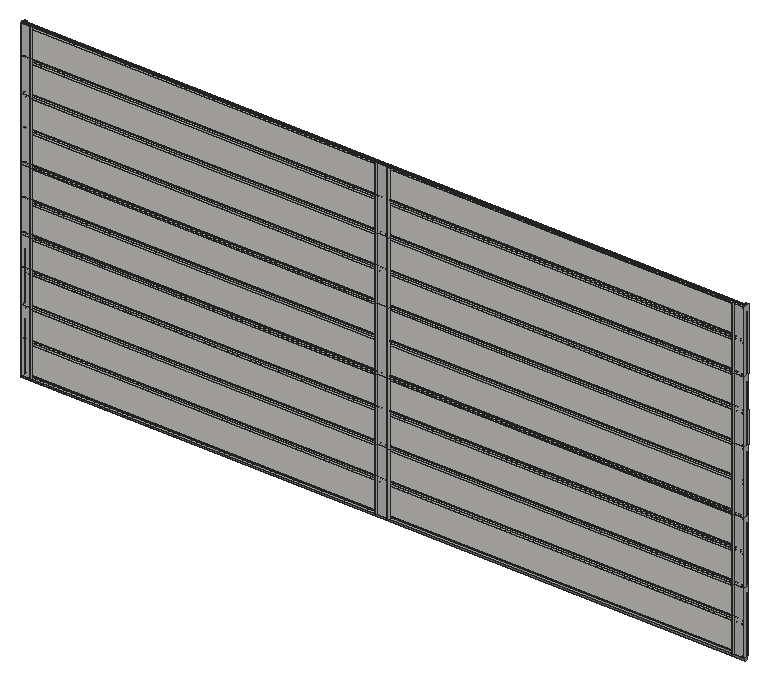
Revit family "GAFD 10H SG", category Doors, host Wall, Revit 2024
Family settings
  Host = Wall
  OmniClass Number = 23.30.10.00
  OmniClass Title = Doors
  Always vertical = Yes
  Cut with Voids When Loaded = No
  Shared = No
  Room Calculation Point = No
Parameters
  Wall Opening [instance] = 4880 mm
  Function = Interior
  Frame Projection Ext. = 25 mm
  Frame Projection Int. = 25 mm
  Frame Width = 75 mm
  Height = 2135 mm
  Wall Closure = By host
  Width = 4880 mm
Reference planes
  plane 1: y = 0
  plane 2 "Center (Left/Right)": x = 0
  plane 3: z = 2135
  plane 4 "Exterior": y = 75
  plane 5 "Interior": y = -75
  plane 6 "Garage Bottom": y = 75
  plane 7 "Garage Left": x = 2470
  plane 8 "Garage Right": x = -2470
  plane 9 "Garage Top": z = 2170
  plane 10: z = 19.954
Forms (mm)
  Extrusion 1, solid, material "STEEL BACK & SIDE PLATES"
    sketch origin (2744.172, 256, 612.954) x (1, 0, 0) y (0, 1, 0)
      loop
        line (-5205.472, -373.2) -> (-5212.972, -373.2) -> (-5212.972, -372) -> (-5211.972, -372)
        arc (-5211.972, -372) -> (-5211.472, -371.5) -> (-5211.972, -371) r 0.5
        line (-5211.972, -371) -> (-5214.172, -371) -> (-5214.172, -406) -> (-5144.955, -406) -> (-5142.812, -414) -> (-5135.811, -414) -> (-5133.363, -404.8) -> (-5134.589, -404.8) -> (-5136.732, -412.8) -> (-5141.891, -412.8) -> (-5144.034, -404.8) -> (-5212.972, -404.8) -> (-5212.972, -374.4) -> (-5200.945, -374.4)
        arc (-5200.945, -374.4) -> (-5200.21, -374.891) -> (-5199.372, -374.607) r 1
        line (-5199.372, -374.607) -> (-5198.819, -374.054)
        arc (-5198.819, -374.054) -> (-5198.71, -373.509) -> (-5199.172, -373.2) r 0.5
        line (-5199.172, -373.2) -> (-5204.272, -373.2) -> (-5204.272, -371) -> (-5206.472, -371)
        arc (-5206.472, -371) -> (-5206.972, -371.5) -> (-5206.472, -372) r 0.5
        line (-5206.472, -372) -> (-5205.472, -372) -> (-5205.472, -373.2)
      loop
        line (-2791.977, -404.804) -> (-2789.506, -414.002) -> (-2782.523, -414.002) -> (-2780.383, -405.996) -> (-2707.961, -405.996) -> (-2705.821, -414.002) -> (-2698.839, -414.002) -> (-2696.367, -404.804) -> (-2697.626, -404.804) -> (-2699.758, -412.802) -> (-2704.9, -412.802) -> (-2707.039, -404.797) -> (-2781.305, -404.797) -> (-2783.444, -412.802) -> (-2788.586, -412.802) -> (-2790.718, -404.804) -> (-2791.977, -404.804)
      loop
        line (-282.872, -373.2) -> (-282.872, -372) -> (-281.872, -372)
        arc (-281.872, -372) -> (-281.372, -371.5) -> (-281.872, -371) r 0.5
        line (-281.872, -371) -> (-284.072, -371) -> (-284.072, -373.2) -> (-289.172, -373.2)
        arc (-289.172, -373.2) -> (-289.634, -373.509) -> (-289.526, -374.054) r 0.5
        line (-289.526, -374.054) -> (-288.972, -374.607)
        arc (-288.972, -374.607) -> (-288.135, -374.891) -> (-287.399, -374.4) r 1
        line (-287.399, -374.4) -> (-275.372, -374.4) -> (-275.372, -404.8) -> (-344.31, -404.8) -> (-346.454, -412.8) -> (-351.612, -412.8) -> (-353.756, -404.8) -> (-354.982, -404.8) -> (-352.533, -414) -> (-345.533, -414) -> (-343.389, -406) -> (-274.172, -406) -> (-274.172, -371) -> (-276.372, -371)
        arc (-276.372, -371) -> (-276.872, -371.5) -> (-276.372, -372) r 0.5
        line (-276.372, -372) -> (-275.372, -372) -> (-275.372, -373.2) -> (-282.872, -373.2)
    from 267.046 to 697.046
  Extrusion 2, solid, material "STEEL BACK & SIDE PLATES"
    sketch origin (2744.172, 256, 182.954) x (1, 0, 0) y (0, 1, 0)
      loop
        line (-5205.472, -373.2) -> (-5212.972, -373.2) -> (-5212.972, -372) -> (-5211.972, -372)
        arc (-5211.972, -372) -> (-5211.472, -371.5) -> (-5211.972, -371) r 0.5
        line (-5211.972, -371) -> (-5214.172, -371) -> (-5214.172, -406) -> (-5144.955, -406) -> (-5142.812, -414) -> (-5135.811, -414) -> (-5133.363, -404.8) -> (-5134.589, -404.8) -> (-5136.732, -412.8) -> (-5141.891, -412.8) -> (-5144.034, -404.8) -> (-5212.972, -404.8) -> (-5212.972, -374.4) -> (-5200.945, -374.4)
        arc (-5200.945, -374.4) -> (-5200.21, -374.891) -> (-5199.372, -374.607) r 1
        line (-5199.372, -374.607) -> (-5198.819, -374.054)
        arc (-5198.819, -374.054) -> (-5198.71, -373.509) -> (-5199.172, -373.2) r 0.5
        line (-5199.172, -373.2) -> (-5204.272, -373.2) -> (-5204.272, -371) -> (-5206.472, -371)
        arc (-5206.472, -371) -> (-5206.972, -371.5) -> (-5206.472, -372) r 0.5
        line (-5206.472, -372) -> (-5205.472, -372) -> (-5205.472, -373.2)
      loop
        line (-2791.977, -404.804) -> (-2789.506, -414.002) -> (-2782.523, -414.002) -> (-2780.383, -405.996) -> (-2707.961, -405.996) -> (-2705.821, -414.002) -> (-2698.839, -414.002) -> (-2696.367, -404.804) -> (-2697.626, -404.804) -> (-2699.758, -412.802) -> (-2704.9, -412.802) -> (-2707.039, -404.797) -> (-2781.305, -404.797) -> (-2783.444, -412.802) -> (-2788.586, -412.802) -> (-2790.718, -404.804) -> (-2791.977, -404.804)
      loop
        line (-282.872, -373.2) -> (-282.872, -372) -> (-281.872, -372)
        arc (-281.872, -372) -> (-281.372, -371.5) -> (-281.872, -371) r 0.5
        line (-281.872, -371) -> (-284.072, -371) -> (-284.072, -373.2) -> (-289.172, -373.2)
        arc (-289.172, -373.2) -> (-289.634, -373.509) -> (-289.526, -374.054) r 0.5
        line (-289.526, -374.054) -> (-288.972, -374.607)
        arc (-288.972, -374.607) -> (-288.135, -374.891) -> (-287.399, -374.4) r 1
        line (-287.399, -374.4) -> (-275.372, -374.4) -> (-275.372, -404.8) -> (-344.31, -404.8) -> (-346.454, -412.8) -> (-351.612, -412.8) -> (-353.756, -404.8) -> (-354.982, -404.8) -> (-352.533, -414) -> (-345.533, -414) -> (-343.389, -406) -> (-274.172, -406) -> (-274.172, -371) -> (-276.372, -371)
        arc (-276.372, -371) -> (-276.872, -371.5) -> (-276.372, -372) r 0.5
        line (-276.372, -372) -> (-275.372, -372) -> (-275.372, -373.2) -> (-282.872, -373.2)
    from 267.046 to 697.046
  Extrusion 3, solid, material "STEEL BACK & SIDE PLATES"
    sketch origin (2744.172, 256, -247.046) x (1, 0, 0) y (0, 1, 0)
      loop
        line (-5205.472, -373.2) -> (-5212.972, -373.2) -> (-5212.972, -372) -> (-5211.972, -372)
        arc (-5211.972, -372) -> (-5211.472, -371.5) -> (-5211.972, -371) r 0.5
        line (-5211.972, -371) -> (-5214.172, -371) -> (-5214.172, -406) -> (-5144.955, -406) -> (-5142.812, -414) -> (-5135.811, -414) -> (-5133.363, -404.8) -> (-5134.589, -404.8) -> (-5136.732, -412.8) -> (-5141.891, -412.8) -> (-5144.034, -404.8) -> (-5212.972, -404.8) -> (-5212.972, -374.4) -> (-5200.945, -374.4)
        arc (-5200.945, -374.4) -> (-5200.21, -374.891) -> (-5199.372, -374.607) r 1
        line (-5199.372, -374.607) -> (-5198.819, -374.054)
        arc (-5198.819, -374.054) -> (-5198.71, -373.509) -> (-5199.172, -373.2) r 0.5
        line (-5199.172, -373.2) -> (-5204.272, -373.2) -> (-5204.272, -371) -> (-5206.472, -371)
        arc (-5206.472, -371) -> (-5206.972, -371.5) -> (-5206.472, -372) r 0.5
        line (-5206.472, -372) -> (-5205.472, -372) -> (-5205.472, -373.2)
      loop
        line (-2791.977, -404.804) -> (-2789.506, -414.002) -> (-2782.523, -414.002) -> (-2780.383, -405.996) -> (-2707.961, -405.996) -> (-2705.821, -414.002) -> (-2698.839, -414.002) -> (-2696.367, -404.804) -> (-2697.626, -404.804) -> (-2699.758, -412.802) -> (-2704.9, -412.802) -> (-2707.039, -404.797) -> (-2781.305, -404.797) -> (-2783.444, -412.802) -> (-2788.586, -412.802) -> (-2790.718, -404.804) -> (-2791.977, -404.804)
      loop
        line (-282.872, -373.2) -> (-282.872, -372) -> (-281.872, -372)
        arc (-281.872, -372) -> (-281.372, -371.5) -> (-281.872, -371) r 0.5
        line (-281.872, -371) -> (-284.072, -371) -> (-284.072, -373.2) -> (-289.172, -373.2)
        arc (-289.172, -373.2) -> (-289.634, -373.509) -> (-289.526, -374.054) r 0.5
        line (-289.526, -374.054) -> (-288.972, -374.607)
        arc (-288.972, -374.607) -> (-288.135, -374.891) -> (-287.399, -374.4) r 1
        line (-287.399, -374.4) -> (-275.372, -374.4) -> (-275.372, -404.8) -> (-344.31, -404.8) -> (-346.454, -412.8) -> (-351.612, -412.8) -> (-353.756, -404.8) -> (-354.982, -404.8) -> (-352.533, -414) -> (-345.533, -414) -> (-343.389, -406) -> (-274.172, -406) -> (-274.172, -371) -> (-276.372, -371)
        arc (-276.372, -371) -> (-276.872, -371.5) -> (-276.372, -372) r 0.5
        line (-276.372, -372) -> (-275.372, -372) -> (-275.372, -373.2) -> (-282.872, -373.2)
    from 267 to 697.046
  Extrusion 4, solid, material "STEEL BACK & SIDE PLATES"
    sketch origin (2744.172, 256, 1042.954) x (1, 0, 0) y (0, 1, 0)
      loop
        line (-5205.472, -373.2) -> (-5212.972, -373.2) -> (-5212.972, -372) -> (-5211.972, -372)
        arc (-5211.972, -372) -> (-5211.472, -371.5) -> (-5211.972, -371) r 0.5
        line (-5211.972, -371) -> (-5214.172, -371) -> (-5214.172, -406) -> (-5144.955, -406) -> (-5142.812, -414) -> (-5135.811, -414) -> (-5133.363, -404.8) -> (-5134.589, -404.8) -> (-5136.732, -412.8) -> (-5141.891, -412.8) -> (-5144.034, -404.8) -> (-5212.972, -404.8) -> (-5212.972, -374.4) -> (-5200.945, -374.4)
        arc (-5200.945, -374.4) -> (-5200.21, -374.891) -> (-5199.372, -374.607) r 1
        line (-5199.372, -374.607) -> (-5198.819, -374.054)
        arc (-5198.819, -374.054) -> (-5198.71, -373.509) -> (-5199.172, -373.2) r 0.5
        line (-5199.172, -373.2) -> (-5204.272, -373.2) -> (-5204.272, -371) -> (-5206.472, -371)
        arc (-5206.472, -371) -> (-5206.972, -371.5) -> (-5206.472, -372) r 0.5
        line (-5206.472, -372) -> (-5205.472, -372) -> (-5205.472, -373.2)
      loop
        line (-2791.977, -404.804) -> (-2789.506, -414.002) -> (-2782.523, -414.002) -> (-2780.383, -405.996) -> (-2707.961, -405.996) -> (-2705.821, -414.002) -> (-2698.839, -414.002) -> (-2696.367, -404.804) -> (-2697.626, -404.804) -> (-2699.758, -412.802) -> (-2704.9, -412.802) -> (-2707.039, -404.797) -> (-2781.305, -404.797) -> (-2783.444, -412.802) -> (-2788.586, -412.802) -> (-2790.718, -404.804) -> (-2791.977, -404.804)
      loop
        line (-282.872, -373.2) -> (-282.872, -372) -> (-281.872, -372)
        arc (-281.872, -372) -> (-281.372, -371.5) -> (-281.872, -371) r 0.5
        line (-281.872, -371) -> (-284.072, -371) -> (-284.072, -373.2) -> (-289.172, -373.2)
        arc (-289.172, -373.2) -> (-289.634, -373.509) -> (-289.526, -374.054) r 0.5
        line (-289.526, -374.054) -> (-288.972, -374.607)
        arc (-288.972, -374.607) -> (-288.135, -374.891) -> (-287.399, -374.4) r 1
        line (-287.399, -374.4) -> (-275.372, -374.4) -> (-275.372, -404.8) -> (-344.31, -404.8) -> (-346.454, -412.8) -> (-351.612, -412.8) -> (-353.756, -404.8) -> (-354.982, -404.8) -> (-352.533, -414) -> (-345.533, -414) -> (-343.389, -406) -> (-274.172, -406) -> (-274.172, -371) -> (-276.372, -371)
        arc (-276.372, -371) -> (-276.872, -371.5) -> (-276.372, -372) r 0.5
        line (-276.372, -372) -> (-275.372, -372) -> (-275.372, -373.2) -> (-282.872, -373.2)
    from 267.046 to 697.046
  Extrusion 5, solid, material "STEEL BACK & SIDE PLATES"
    sketch origin (2744.172, 256, 1472.954) x (1, 0, 0) y (0, 1, 0)
      loop
        line (-5205.472, -373.2) -> (-5212.972, -373.2) -> (-5212.972, -372) -> (-5211.972, -372)
        arc (-5211.972, -372) -> (-5211.472, -371.5) -> (-5211.972, -371) r 0.5
        line (-5211.972, -371) -> (-5214.172, -371) -> (-5214.172, -406) -> (-5144.955, -406) -> (-5142.812, -414) -> (-5135.811, -414) -> (-5133.363, -404.8) -> (-5134.589, -404.8) -> (-5136.732, -412.8) -> (-5141.891, -412.8) -> (-5144.034, -404.8) -> (-5212.972, -404.8) -> (-5212.972, -374.4) -> (-5200.945, -374.4)
        arc (-5200.945, -374.4) -> (-5200.21, -374.891) -> (-5199.372, -374.607) r 1
        line (-5199.372, -374.607) -> (-5198.819, -374.054)
        arc (-5198.819, -374.054) -> (-5198.71, -373.509) -> (-5199.172, -373.2) r 0.5
        line (-5199.172, -373.2) -> (-5204.272, -373.2) -> (-5204.272, -371) -> (-5206.472, -371)
        arc (-5206.472, -371) -> (-5206.972, -371.5) -> (-5206.472, -372) r 0.5
        line (-5206.472, -372) -> (-5205.472, -372) -> (-5205.472, -373.2)
      loop
        line (-2791.977, -404.804) -> (-2789.506, -414.002) -> (-2782.523, -414.002) -> (-2780.383, -405.996) -> (-2707.961, -405.996) -> (-2705.821, -414.002) -> (-2698.839, -414.002) -> (-2696.367, -404.804) -> (-2697.626, -404.804) -> (-2699.758, -412.802) -> (-2704.9, -412.802) -> (-2707.039, -404.797) -> (-2781.305, -404.797) -> (-2783.444, -412.802) -> (-2788.586, -412.802) -> (-2790.718, -404.804) -> (-2791.977, -404.804)
      loop
        line (-282.872, -373.2) -> (-282.872, -372) -> (-281.872, -372)
        arc (-281.872, -372) -> (-281.372, -371.5) -> (-281.872, -371) r 0.5
        line (-281.872, -371) -> (-284.072, -371) -> (-284.072, -373.2) -> (-289.172, -373.2)
        arc (-289.172, -373.2) -> (-289.634, -373.509) -> (-289.526, -374.054) r 0.5
        line (-289.526, -374.054) -> (-288.972, -374.607)
        arc (-288.972, -374.607) -> (-288.135, -374.891) -> (-287.399, -374.4) r 1
        line (-287.399, -374.4) -> (-275.372, -374.4) -> (-275.372, -404.8) -> (-344.31, -404.8) -> (-346.454, -412.8) -> (-351.612, -412.8) -> (-353.756, -404.8) -> (-354.982, -404.8) -> (-352.533, -414) -> (-345.533, -414) -> (-343.389, -406) -> (-274.172, -406) -> (-274.172, -371) -> (-276.372, -371)
        arc (-276.372, -371) -> (-276.872, -371.5) -> (-276.372, -372) r 0.5
        line (-276.372, -372) -> (-275.372, -372) -> (-275.372, -373.2) -> (-282.872, -373.2)
    from 267.046 to 697.046
  Extrusion 6, solid, material "ALUMINIUM (STONE GREY)"
    sketch origin (0, -44, 2189.863) x (0, -1, 0) y (0, 0, -1)
      loop
        line (82.14, 2169.909) -> (74.797, 2169.909) -> (74.797, 1963.364) -> (78.797, 1961.909) -> (78.797, 1954.909) -> (83.136, 1954.909)
        arc (83.136, 1954.909) -> (83.518, 1954.832) -> (83.843, 1954.616) r 1
        line (83.843, 1954.616) -> (86.55, 1951.909) -> (88.077, 1951.909)
        arc (88.077, 1951.909) -> (88.477, 1952.309) -> (88.077, 1952.709) r 0.4
        line (88.077, 1952.709) -> (87.047, 1952.709) -> (87.047, 1953.909) -> (92.547, 1953.909) -> (92.547, 1952.709) -> (91.517, 1952.709)
        arc (91.517, 1952.709) -> (91.117, 1952.309) -> (91.517, 1951.909) r 0.4
        line (91.517, 1951.909) -> (93.044, 1951.909) -> (95.751, 1954.616)
        arc (95.751, 1954.616) -> (96.077, 1954.833) -> (96.461, 1954.909) r 1
        line (96.461, 1954.909) -> (104.797, 1954.909) -> (104.797, 1966.909) -> (101.397, 1966.909)
        arc (101.397, 1966.909) -> (100.697, 1966.209) -> (101.397, 1965.509) r 0.7
        line (101.397, 1965.509) -> (103.397, 1965.509) -> (103.397, 1956.309) -> (95.464, 1956.309) -> (94.464, 1955.309) -> (85.13, 1955.309) -> (84.13, 1956.309) -> (80.197, 1956.309) -> (80.197, 1962.889) -> (76.197, 1964.345) -> (76.197, 2168.509) -> (81.56, 2168.509) -> (87.06, 2163.009) -> (92.534, 2163.009) -> (98.034, 2168.509) -> (103.397, 2168.509) -> (103.397, 2159.309) -> (101.397, 2159.309)
        arc (101.397, 2159.309) -> (100.697, 2158.609) -> (101.397, 2157.909) r 0.7
        line (101.397, 2157.909) -> (104.797, 2157.909) -> (104.797, 2169.909) -> (97.454, 2169.909) -> (91.954, 2164.409) -> (87.64, 2164.409) -> (82.14, 2169.909)
    from -2468.8 to 2468.8
  Extrusion 7, solid, material "Rubber, Natural"
    sketch origin (0, -32.797, 0.046) x (0, 1, 0) y (0, 0, 1)
      loop
        line (-111, 19.909) -> (-111, 16.909) -> (-106, 16.909) -> (-106, 14.004)
        spline (-106, 14.004) -> (-109.192, 11.809) -> (-110.848, 8.808) -> (-110.659, 5.562) -> (-108.66, 2.681) -> (-105.226, 0.703) -> (-101, 0) -> (-96.774, 0.703) -> (-93.34, 2.681) -> (-91.341, 5.562) -> (-91.152, 8.808) -> (-92.808, 11.809) -> (-96, 14.004)
        line (-96, 14.004) -> (-96, 16.909) -> (-91, 16.909) -> (-91, 19.909) -> (-111, 19.909)
      loop
        line (-98, 16.909) -> (-104, 16.909) -> (-104, 14.633)
        arc (-104, 14.633) -> (-101, 15.009) -> (-98, 14.633) r 12.129
        line (-98, 14.633) -> (-98, 16.909)
      loop
        spline (-101, 1.513) -> (-98.929, 1.717) -> (-97, 2.316) -> (-95.343, 3.268) -> (-94.072, 4.509) -> (-93.273, 5.954) -> (-93, 7.505) -> (-93.273, 9.055) -> (-94.072, 10.501) -> (-95.343, 11.742) -> (-97, 12.694) -> (-98.929, 13.292) -> (-101, 13.496)
        spline (-101, 13.496) -> (-103.071, 13.292) -> (-105, 12.694) -> (-106.657, 11.742) -> (-107.928, 10.501) -> (-108.727, 9.055) -> (-109, 7.505) -> (-108.727, 5.954) -> (-107.928, 4.509) -> (-106.657, 3.268) -> (-105, 2.316) -> (-103.071, 1.717) -> (-101, 1.513)
    from -2470 to 2470
  Extrusion 8, solid, material "ALUMINIUM (STONE GREY)"
    sketch origin (0, -44, 2404.863) x (0, -1, 0) y (0, 0, -1)
      loop
        line (82.14, 2169.909) -> (74.797, 2169.909) -> (74.797, 1963.319) -> (78.797, 1961.863) -> (78.797, 1954.863) -> (83.136, 1954.863)
        arc (83.136, 1954.863) -> (83.518, 1954.787) -> (83.843, 1954.57) r 1
        line (83.843, 1954.57) -> (86.55, 1951.863) -> (88.077, 1951.863)
        arc (88.077, 1951.863) -> (88.477, 1952.263) -> (88.077, 1952.663) r 0.4
        line (88.077, 1952.663) -> (87.047, 1952.663) -> (87.047, 1953.863) -> (92.547, 1953.863) -> (92.547, 1952.663) -> (91.517, 1952.663)
        arc (91.517, 1952.663) -> (91.117, 1952.263) -> (91.517, 1951.863) r 0.4
        line (91.517, 1951.863) -> (93.044, 1951.863) -> (95.751, 1954.57)
        arc (95.751, 1954.57) -> (96.077, 1954.787) -> (96.461, 1954.863) r 1
        line (96.461, 1954.863) -> (104.797, 1954.863) -> (104.797, 1966.863) -> (101.397, 1966.863)
        arc (101.397, 1966.863) -> (100.697, 1966.163) -> (101.397, 1965.463) r 0.7
        line (101.397, 1965.463) -> (103.397, 1965.463) -> (103.397, 1956.263) -> (95.464, 1956.263) -> (94.464, 1955.263) -> (85.13, 1955.263) -> (84.13, 1956.263) -> (80.197, 1956.263) -> (80.197, 1962.843) -> (76.197, 1964.299) -> (76.197, 2168.509) -> (81.56, 2168.509) -> (87.06, 2163.009) -> (92.534, 2163.009) -> (98.034, 2168.509) -> (103.397, 2168.509) -> (103.397, 2159.309) -> (101.397, 2159.309)
        arc (101.397, 2159.309) -> (100.697, 2158.609) -> (101.397, 2157.909) r 0.7
        line (101.397, 2157.909) -> (104.797, 2157.909) -> (104.797, 2169.909) -> (97.454, 2169.909) -> (91.954, 2164.409) -> (87.64, 2164.409) -> (82.14, 2169.909)
    from -2468.8 to 2468.8
  Extrusion 9, solid, material "ALUMINIUM (STONE GREY)"
    sketch origin (0, -44, 2619.909) x (0, -1, 0) y (0, 0, -1)
      loop
        line (82.14, 2169.909) -> (74.797, 2169.909) -> (74.797, 1963.364) -> (78.797, 1961.909) -> (78.797, 1954.909) -> (83.136, 1954.909)
        arc (83.136, 1954.909) -> (83.518, 1954.832) -> (83.843, 1954.616) r 1
        line (83.843, 1954.616) -> (86.55, 1951.909) -> (88.077, 1951.909)
        arc (88.077, 1951.909) -> (88.477, 1952.309) -> (88.077, 1952.709) r 0.4
        line (88.077, 1952.709) -> (87.047, 1952.709) -> (87.047, 1953.909) -> (92.547, 1953.909) -> (92.547, 1952.709) -> (91.517, 1952.709)
        arc (91.517, 1952.709) -> (91.117, 1952.309) -> (91.517, 1951.909) r 0.4
        line (91.517, 1951.909) -> (93.044, 1951.909) -> (95.751, 1954.616)
        arc (95.751, 1954.616) -> (96.077, 1954.833) -> (96.461, 1954.909) r 1
        line (96.461, 1954.909) -> (104.797, 1954.909) -> (104.797, 1966.909) -> (101.397, 1966.909)
        arc (101.397, 1966.909) -> (100.697, 1966.209) -> (101.397, 1965.509) r 0.7
        line (101.397, 1965.509) -> (103.397, 1965.509) -> (103.397, 1956.309) -> (95.464, 1956.309) -> (94.464, 1955.309) -> (85.13, 1955.309) -> (84.13, 1956.309) -> (80.197, 1956.309) -> (80.197, 1962.889) -> (76.197, 1964.345) -> (76.197, 2168.509) -> (81.56, 2168.509) -> (87.06, 2163.009) -> (92.534, 2163.009) -> (98.034, 2168.509) -> (103.397, 2168.509) -> (103.397, 2159.309) -> (101.397, 2159.309)
        arc (101.397, 2159.309) -> (100.697, 2158.609) -> (101.397, 2157.909) r 0.7
        line (101.397, 2157.909) -> (104.797, 2157.909) -> (104.797, 2169.909) -> (97.454, 2169.909) -> (91.954, 2164.409) -> (87.64, 2164.409) -> (82.14, 2169.909)
    from -2468.8 to 2468.8
  Extrusion 10, solid, material "ALUMINIUM (STONE GREY)"
    sketch origin (0, -44, 2834.909) x (0, -1, 0) y (0, 0, -1)
      loop
        line (82.14, 2169.909) -> (74.797, 2169.909) -> (74.797, 1963.364) -> (78.797, 1961.909) -> (78.797, 1954.909) -> (83.136, 1954.909)
        arc (83.136, 1954.909) -> (83.518, 1954.832) -> (83.843, 1954.616) r 1
        line (83.843, 1954.616) -> (86.55, 1951.909) -> (88.077, 1951.909)
        arc (88.077, 1951.909) -> (88.477, 1952.309) -> (88.077, 1952.709) r 0.4
        line (88.077, 1952.709) -> (87.047, 1952.709) -> (87.047, 1953.909) -> (92.547, 1953.909) -> (92.547, 1952.709) -> (91.517, 1952.709)
        arc (91.517, 1952.709) -> (91.117, 1952.309) -> (91.517, 1951.909) r 0.4
        line (91.517, 1951.909) -> (93.044, 1951.909) -> (95.751, 1954.616)
        arc (95.751, 1954.616) -> (96.077, 1954.833) -> (96.461, 1954.909) r 1
        line (96.461, 1954.909) -> (104.797, 1954.909) -> (104.797, 1966.909) -> (101.397, 1966.909)
        arc (101.397, 1966.909) -> (100.697, 1966.209) -> (101.397, 1965.509) r 0.7
        line (101.397, 1965.509) -> (103.397, 1965.509) -> (103.397, 1956.309) -> (95.464, 1956.309) -> (94.464, 1955.309) -> (85.13, 1955.309) -> (84.13, 1956.309) -> (80.197, 1956.309) -> (80.197, 1962.889) -> (76.197, 1964.345) -> (76.197, 2168.509) -> (81.56, 2168.509) -> (87.06, 2163.009) -> (92.534, 2163.009) -> (98.034, 2168.509) -> (103.397, 2168.509) -> (103.397, 2159.309) -> (101.397, 2159.309)
        arc (101.397, 2159.309) -> (100.697, 2158.609) -> (101.397, 2157.909) r 0.7
        line (101.397, 2157.909) -> (104.797, 2157.909) -> (104.797, 2169.909) -> (97.454, 2169.909) -> (91.954, 2164.409) -> (87.64, 2164.409) -> (82.14, 2169.909)
    from -2468.8 to 2468.8
  Extrusion 11, solid, material "ALUMINIUM (STONE GREY)"
    sketch origin (0, -44, 3049.909) x (0, -1, 0) y (0, 0, -1)
      loop
        line (82.14, 2169.909) -> (74.797, 2169.909) -> (74.797, 1963.364) -> (78.797, 1961.909) -> (78.797, 1954.909) -> (83.136, 1954.909)
        arc (83.136, 1954.909) -> (83.518, 1954.832) -> (83.843, 1954.616) r 1
        line (83.843, 1954.616) -> (86.55, 1951.909) -> (88.077, 1951.909)
        arc (88.077, 1951.909) -> (88.477, 1952.309) -> (88.077, 1952.709) r 0.4
        line (88.077, 1952.709) -> (87.047, 1952.709) -> (87.047, 1953.909) -> (92.547, 1953.909) -> (92.547, 1952.709) -> (91.517, 1952.709)
        arc (91.517, 1952.709) -> (91.117, 1952.309) -> (91.517, 1951.909) r 0.4
        line (91.517, 1951.909) -> (93.044, 1951.909) -> (95.751, 1954.616)
        arc (95.751, 1954.616) -> (96.077, 1954.833) -> (96.461, 1954.909) r 1
        line (96.461, 1954.909) -> (104.797, 1954.909) -> (104.797, 1966.909) -> (101.397, 1966.909)
        arc (101.397, 1966.909) -> (100.697, 1966.209) -> (101.397, 1965.509) r 0.7
        line (101.397, 1965.509) -> (103.397, 1965.509) -> (103.397, 1956.309) -> (95.464, 1956.309) -> (94.464, 1955.309) -> (85.13, 1955.309) -> (84.13, 1956.309) -> (80.197, 1956.309) -> (80.197, 1962.889) -> (76.197, 1964.345) -> (76.197, 2168.509) -> (81.56, 2168.509) -> (87.06, 2163.009) -> (92.534, 2163.009) -> (98.034, 2168.509) -> (103.397, 2168.509) -> (103.397, 2159.309) -> (101.397, 2159.309)
        arc (101.397, 2159.309) -> (100.697, 2158.609) -> (101.397, 2157.909) r 0.7
        line (101.397, 2157.909) -> (104.797, 2157.909) -> (104.797, 2169.909) -> (97.454, 2169.909) -> (91.954, 2164.409) -> (87.64, 2164.409) -> (82.14, 2169.909)
    from -2468.8 to 2468.8
  Extrusion 12, solid, material "ALUMINIUM (STONE GREY)"
    sketch origin (0, -44, 3264.909) x (0, -1, 0) y (0, 0, -1)
      loop
        line (82.14, 2169.909) -> (74.797, 2169.909) -> (74.797, 1963.364) -> (78.797, 1961.909) -> (78.797, 1954.909) -> (83.136, 1954.909)
        arc (83.136, 1954.909) -> (83.518, 1954.832) -> (83.843, 1954.616) r 1
        line (83.843, 1954.616) -> (86.55, 1951.909) -> (88.077, 1951.909)
        arc (88.077, 1951.909) -> (88.477, 1952.309) -> (88.077, 1952.709) r 0.4
        line (88.077, 1952.709) -> (87.047, 1952.709) -> (87.047, 1953.909) -> (92.547, 1953.909) -> (92.547, 1952.709) -> (91.517, 1952.709)
        arc (91.517, 1952.709) -> (91.117, 1952.309) -> (91.517, 1951.909) r 0.4
        line (91.517, 1951.909) -> (93.044, 1951.909) -> (95.751, 1954.616)
        arc (95.751, 1954.616) -> (96.077, 1954.833) -> (96.461, 1954.909) r 1
        line (96.461, 1954.909) -> (104.797, 1954.909) -> (104.797, 1966.909) -> (101.397, 1966.909)
        arc (101.397, 1966.909) -> (100.697, 1966.209) -> (101.397, 1965.509) r 0.7
        line (101.397, 1965.509) -> (103.397, 1965.509) -> (103.397, 1956.309) -> (95.464, 1956.309) -> (94.464, 1955.309) -> (85.13, 1955.309) -> (84.13, 1956.309) -> (80.197, 1956.309) -> (80.197, 1962.889) -> (76.197, 1964.345) -> (76.197, 2168.509) -> (81.56, 2168.509) -> (87.06, 2163.009) -> (92.534, 2163.009) -> (98.034, 2168.509) -> (103.397, 2168.509) -> (103.397, 2159.309) -> (101.397, 2159.309)
        arc (101.397, 2159.309) -> (100.697, 2158.609) -> (101.397, 2157.909) r 0.7
        line (101.397, 2157.909) -> (104.797, 2157.909) -> (104.797, 2169.909) -> (97.454, 2169.909) -> (91.954, 2164.409) -> (87.64, 2164.409) -> (82.14, 2169.909)
    from -2468.8 to 2468.8
  Extrusion 13, solid, material "ALUMINIUM (STONE GREY)"
    sketch origin (0, -44, 3479.909) x (0, -1, 0) y (0, 0, -1)
      loop
        line (82.14, 2169.909) -> (74.797, 2169.909) -> (74.797, 1963.364) -> (78.797, 1961.909) -> (78.797, 1954.909) -> (83.136, 1954.909)
        arc (83.136, 1954.909) -> (83.518, 1954.832) -> (83.843, 1954.616) r 1
        line (83.843, 1954.616) -> (86.55, 1951.909) -> (88.077, 1951.909)
        arc (88.077, 1951.909) -> (88.477, 1952.309) -> (88.077, 1952.709) r 0.4
        line (88.077, 1952.709) -> (87.047, 1952.709) -> (87.047, 1953.909) -> (92.547, 1953.909) -> (92.547, 1952.709) -> (91.517, 1952.709)
        arc (91.517, 1952.709) -> (91.117, 1952.309) -> (91.517, 1951.909) r 0.4
        line (91.517, 1951.909) -> (93.044, 1951.909) -> (95.751, 1954.616)
        arc (95.751, 1954.616) -> (96.077, 1954.833) -> (96.461, 1954.909) r 1
        line (96.461, 1954.909) -> (104.797, 1954.909) -> (104.797, 1966.909) -> (101.397, 1966.909)
        arc (101.397, 1966.909) -> (100.697, 1966.209) -> (101.397, 1965.509) r 0.7
        line (101.397, 1965.509) -> (103.397, 1965.509) -> (103.397, 1956.309) -> (95.464, 1956.309) -> (94.464, 1955.309) -> (85.13, 1955.309) -> (84.13, 1956.309) -> (80.197, 1956.309) -> (80.197, 1962.889) -> (76.197, 1964.345) -> (76.197, 2168.509) -> (81.56, 2168.509) -> (87.06, 2163.009) -> (92.534, 2163.009) -> (98.034, 2168.509) -> (103.397, 2168.509) -> (103.397, 2159.309) -> (101.397, 2159.309)
        arc (101.397, 2159.309) -> (100.697, 2158.609) -> (101.397, 2157.909) r 0.7
        line (101.397, 2157.909) -> (104.797, 2157.909) -> (104.797, 2169.909) -> (97.454, 2169.909) -> (91.954, 2164.409) -> (87.64, 2164.409) -> (82.14, 2169.909)
    from -2468.8 to 2468.8
  Extrusion 14, solid, material "ALUMINIUM (STONE GREY)"
    sketch origin (0, -44, 3694.909) x (0, -1, 0) y (0, 0, -1)
      loop
        line (82.14, 2169.909) -> (74.797, 2169.909) -> (74.797, 1963.364) -> (78.797, 1961.909) -> (78.797, 1954.909) -> (83.136, 1954.909)
        arc (83.136, 1954.909) -> (83.518, 1954.832) -> (83.843, 1954.616) r 1
        line (83.843, 1954.616) -> (86.55, 1951.909) -> (88.077, 1951.909)
        arc (88.077, 1951.909) -> (88.477, 1952.309) -> (88.077, 1952.709) r 0.4
        line (88.077, 1952.709) -> (87.047, 1952.709) -> (87.047, 1953.909) -> (92.547, 1953.909) -> (92.547, 1952.709) -> (91.517, 1952.709)
        arc (91.517, 1952.709) -> (91.117, 1952.309) -> (91.517, 1951.909) r 0.4
        line (91.517, 1951.909) -> (93.044, 1951.909) -> (95.751, 1954.616)
        arc (95.751, 1954.616) -> (96.077, 1954.833) -> (96.461, 1954.909) r 1
        line (96.461, 1954.909) -> (104.797, 1954.909) -> (104.797, 1966.909) -> (101.397, 1966.909)
        arc (101.397, 1966.909) -> (100.697, 1966.209) -> (101.397, 1965.509) r 0.7
        line (101.397, 1965.509) -> (103.397, 1965.509) -> (103.397, 1956.309) -> (95.464, 1956.309) -> (94.464, 1955.309) -> (85.13, 1955.309) -> (84.13, 1956.309) -> (80.197, 1956.309) -> (80.197, 1962.889) -> (76.197, 1964.345) -> (76.197, 2168.509) -> (81.56, 2168.509) -> (87.06, 2163.009) -> (92.534, 2163.009) -> (98.034, 2168.509) -> (103.397, 2168.509) -> (103.397, 2159.309) -> (101.397, 2159.309)
        arc (101.397, 2159.309) -> (100.697, 2158.609) -> (101.397, 2157.909) r 0.7
        line (101.397, 2157.909) -> (104.797, 2157.909) -> (104.797, 2169.909) -> (97.454, 2169.909) -> (91.954, 2164.409) -> (87.64, 2164.409) -> (82.14, 2169.909)
    from -2468.8 to 2468.8
  Extrusion 15, solid, material "ALUMINIUM (STONE GREY)"
    sketch origin (0, -44, 3909.909) x (0, -1, 0) y (0, 0, -1)
      loop
        line (82.14, 2169.909) -> (74.797, 2169.909) -> (74.797, 1963.364) -> (78.797, 1961.909) -> (78.797, 1954.909) -> (83.136, 1954.909)
        arc (83.136, 1954.909) -> (83.518, 1954.832) -> (83.843, 1954.616) r 1
        line (83.843, 1954.616) -> (86.55, 1951.909) -> (88.077, 1951.909)
        arc (88.077, 1951.909) -> (88.477, 1952.309) -> (88.077, 1952.709) r 0.4
        line (88.077, 1952.709) -> (87.047, 1952.709) -> (87.047, 1953.909) -> (92.547, 1953.909) -> (92.547, 1952.709) -> (91.517, 1952.709)
        arc (91.517, 1952.709) -> (91.117, 1952.309) -> (91.517, 1951.909) r 0.4
        line (91.517, 1951.909) -> (93.044, 1951.909) -> (95.751, 1954.616)
        arc (95.751, 1954.616) -> (96.077, 1954.833) -> (96.461, 1954.909) r 1
        line (96.461, 1954.909) -> (104.797, 1954.909) -> (104.797, 1966.909) -> (101.397, 1966.909)
        arc (101.397, 1966.909) -> (100.697, 1966.209) -> (101.397, 1965.509) r 0.7
        line (101.397, 1965.509) -> (103.397, 1965.509) -> (103.397, 1956.309) -> (95.464, 1956.309) -> (94.464, 1955.309) -> (85.13, 1955.309) -> (84.13, 1956.309) -> (80.197, 1956.309) -> (80.197, 1962.889) -> (76.197, 1964.345) -> (76.197, 2168.509) -> (81.56, 2168.509) -> (87.06, 2163.009) -> (92.534, 2163.009) -> (98.034, 2168.509) -> (103.397, 2168.509) -> (103.397, 2159.309) -> (101.397, 2159.309)
        arc (101.397, 2159.309) -> (100.697, 2158.609) -> (101.397, 2157.909) r 0.7
        line (101.397, 2157.909) -> (104.797, 2157.909) -> (104.797, 2169.909) -> (97.454, 2169.909) -> (91.954, 2164.409) -> (87.64, 2164.409) -> (82.14, 2169.909)
    from -2468.8 to 2468.8
  Extrusion 16, solid, material "ALUMINIUM (STONE GREY)"
    sketch origin (0, -44, 4124.909) x (0, -1, 0) y (0, 0, -1)
      loop
        line (82.14, 2169.909) -> (74.797, 2169.909) -> (74.797, 1963.364) -> (78.797, 1961.909) -> (78.797, 1954.909) -> (83.136, 1954.909)
        arc (83.136, 1954.909) -> (83.518, 1954.832) -> (83.843, 1954.616) r 1
        line (83.843, 1954.616) -> (86.55, 1951.909) -> (88.077, 1951.909)
        arc (88.077, 1951.909) -> (88.477, 1952.309) -> (88.077, 1952.709) r 0.4
        line (88.077, 1952.709) -> (87.047, 1952.709) -> (87.047, 1953.909) -> (92.547, 1953.909) -> (92.547, 1952.709) -> (91.517, 1952.709)
        arc (91.517, 1952.709) -> (91.117, 1952.309) -> (91.517, 1951.909) r 0.4
        line (91.517, 1951.909) -> (93.044, 1951.909) -> (95.751, 1954.616)
        arc (95.751, 1954.616) -> (96.077, 1954.833) -> (96.461, 1954.909) r 1
        line (96.461, 1954.909) -> (104.797, 1954.909) -> (104.797, 1966.909) -> (101.397, 1966.909)
        arc (101.397, 1966.909) -> (100.697, 1966.209) -> (101.397, 1965.509) r 0.7
        line (101.397, 1965.509) -> (103.397, 1965.509) -> (103.397, 1956.309) -> (95.464, 1956.309) -> (94.464, 1955.309) -> (85.13, 1955.309) -> (84.13, 1956.309) -> (80.197, 1956.309) -> (80.197, 1962.889) -> (76.197, 1964.345) -> (76.197, 2168.509) -> (81.56, 2168.509) -> (87.06, 2163.009) -> (92.534, 2163.009) -> (98.034, 2168.509) -> (103.397, 2168.509) -> (103.397, 2159.309) -> (101.397, 2159.309)
        arc (101.397, 2159.309) -> (100.697, 2158.609) -> (101.397, 2157.909) r 0.7
        line (101.397, 2157.909) -> (104.797, 2157.909) -> (104.797, 2169.909) -> (97.454, 2169.909) -> (91.954, 2164.409) -> (87.64, 2164.409) -> (82.14, 2169.909)
    from -2468.8 to 2468.8
Lines and regions (mm)
  Opening 1
    outline origin (-5000, 75, 0) x (-1, 0, 0) y (0, 0, 1)
      loop
        line (-2560, 0) -> (-2560, 2135) -> (-7440, 2135) -> (-7440, 0) -> (-2560, 0)
  symbolic lines, style "Elevation Swing"
    curve 1: line (-2470, -105, 1694) -> (-2470, -2275, 1694)
    curve 2: line (-2470, -2275, 1694) -> (2470, -2275, 1694)
    curve 3: line (2470, -2275, 1694) -> (2470, -105, 1694)
Text (mm)
  text "Exterior" at (-2295.016, 1099.543, 0), in view "Ref. Level"
  text "Exterior" at (0, 1615.38, 3698.081), in view "Left"
  text "Exterior" at (0, 1036.032, 3874.932), in view "Right"
Dimensions and locks
  host wall to plane 3 = 2135 mm
  host wall to plane 9 "Garage Top" = 2170 mm
  locked: plane 4 "Exterior" to host wall at 0
  locked: plane 5 "Interior" to host wall
  plane 8 "Garage Right" to plane 7 "Garage Left" = 4940 mm  (x2)
  level to plane 9 "Garage Top" = 2170 mm
  plane 3 to level = 2135 mm
  host wall to host wall = 4880 mm
  aligned and locked: host wall to plane 1
